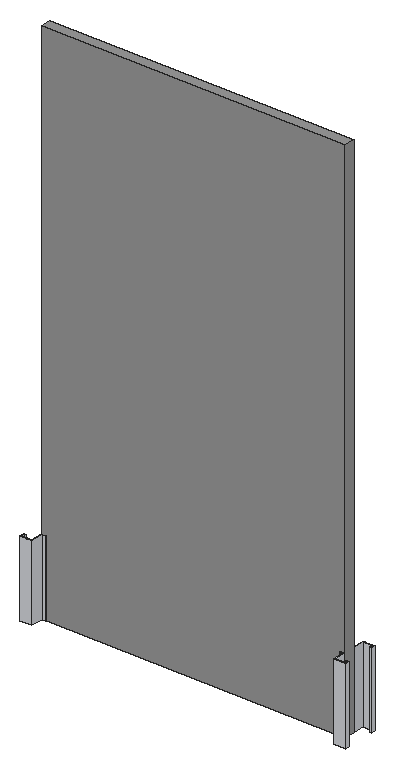
Revit family "Door 6", category Doors, host Wall, Revit 2025
Family settings
  Host = Wall
  OmniClass Number = 23.30.10.00
  OmniClass Title = Doors
  Always vertical = Yes
  Cut with Voids When Loaded = No
  Shared = No
  Room Calculation Point = No
Parameters (values of type "Standard")
  Type Comments = "6"
  Thickness = 0' - 1 3/4"
  Rough Width = Width + (Frame Thickness * 2)  # 4' - 4"
  Rough Thickness = 0' - 4 1/2"
  Rough Height = Height + Frame Head  # 7' - 4"
  Model = "D"
  Glass Thickness = 0' - 0 1/4"
  Function = Interior
  Frame X = 0' - 0 1/8"
  Frame Thickness = 0' - 2"
  Height = 7' - 0"
  Wall Closure = By host
  Width = 4' - 0"
  Frame Thick = 0' - 0.96775"
  Frame Material = Hollow Metal
  Frame Head = 0' - 4"
  Door Material = Hollow Metal
  Define Thermal Properties by = Schematic Type
  Cut = 4' - 0"
  Analytic Construction = "<None>"
Reference planes (in)
  plane 1 "Center (Front/Back)": y = 0
  plane 2 "Center (Left/Right)": x = 0
  plane 3 "Top": z = 88
  plane 4 "Exterior": y = 2.25
  plane 5 "Interior": y = -2.25
  plane 6: z = 84
  plane 7 "Door Ref Exterior": y = 0.875
  plane 8 "Door Ref Interior": y = -0.875
  plane 9: x = -24
  plane 10: x = 24
  plane 11: x = -25.75
Forms (in)
  Extrusion 1, solid, material "Hollow Metal" <- "Door Material", detail levels medium+fine
    sketch origin (0, 0, 0) x (1, 0, 0) y (0, 0, 1)
      loop
        line (-24, 0) -> (24, 0) -> (24, 84) -> (-24, 84) -> (-24, 0)
    from -0.875 to 0.875
  Extrusion 2, solid
    sketch origin (0, 0, 0) x (1, 0, 0) y (0, 1, 0)
      loop
        line (-24, 0.875) -> (-23.375, 0.875) -> (-23.375, -0.875) -> (-24, -0.875) -> (-24, -2.75) -> (-25.625, -2.75) -> (-25.625, -2.375) -> (-25.375, -2.375) -> (-25.375, -2.25) -> (-25.75, -2.25) -> (-25.75, -2.875) -> (-23.875, -2.875) -> (-23.875, -1) -> (-23.25, -1) -> (-23.25, 1) -> (-23.875, 1) -> (-23.875, 2.75) -> (-25.75, 2.75) -> (-25.75, 2.25) -> (-25.375, 2.25) -> (-25.375, 2.375) -> (-25.625, 2.375) -> (-25.625, 2.625) -> (-24, 2.625) -> (-24, 0.875)
      loop
        line (24, 0.875) -> (24, 2.625) -> (25.625, 2.625) -> (25.625, 2.375) -> (25.375, 2.375) -> (25.375, 2.25) -> (25.75, 2.25) -> (25.75, 2.75) -> (23.875, 2.75) -> (23.875, 1) -> (23.25, 1) -> (23.25, -1) -> (23.875, -1) -> (23.875, -2.875) -> (25.75, -2.875) -> (25.75, -2.25) -> (25.375, -2.25) -> (25.375, -2.375) -> (25.625, -2.375) -> (25.625, -2.75) -> (24, -2.75) -> (24, -0.875) -> (23.375, -0.875) -> (23.375, 0.875) -> (24, 0.875)
    from 0 to 12
Lines and regions (in)
  Opening 1
    outline origin (-90, -2.25, 0) x (1, 0, 0) y (0, 0, 1)
      loop
        line (66, 0) -> (114, 0) -> (114, 88) -> (66, 88) -> (66, 0)
  symbolic lines
    curve 1: line (40.65659, 48.27885, 0) -> (42.65659, 48.27885, 0)
    curve 2: line (42.65659, 48.27885, 0) -> (42.65659, 46.90385, 0)
    curve 3: line (42.65659, 46.90385, 0) -> (43.28159, 46.90385, 0)
    curve 4: line (43.28159, 46.90385, 0) -> (43.28159, 45.15385, 0)
    curve 5: line (43.28159, 45.15385, 0) -> (42.65659, 45.15385, 0)
    curve 6: line (42.65659, 45.15385, 0) -> (42.65659, 43.77885, 0)
    curve 7: line (42.65659, 43.77885, 0) -> (40.65659, 43.77885, 0)
    curve 8: line (40.65659, 43.77885, 0) -> (40.65659, 44.27885, 0)
    curve 9: line (40.65659, 44.27885, 0) -> (40.78159, 44.27885, 0)
    curve 10: line (40.78159, 44.27885, 0) -> (40.78159, 43.90385, 0)
    curve 11: line (40.78159, 43.90385, 0) -> (42.53159, 43.90385, 0)
    curve 12: line (42.53159, 43.90385, 0) -> (42.53159, 45.27885, 0)
    curve 13: line (42.53159, 45.27885, 0) -> (43.15659, 45.27885, 0)
    curve 14: line (43.15659, 45.27885, 0) -> (43.15659, 46.77885, 0)
    curve 15: line (43.15659, 46.77885, 0) -> (42.53159, 46.77885, 0)
    curve 16: line (42.53159, 46.77885, 0) -> (42.53159, 48.15385, 0)
    curve 17: line (42.53159, 48.15385, 0) -> (40.78159, 48.15385, 0)
    curve 18: line (40.78159, 48.15385, 0) -> (40.78159, 47.77885, 0)
    curve 19: line (40.78159, 47.77885, 0) -> (40.65659, 47.77885, 0)
    curve 20: line (40.65659, 47.77885, 0) -> (40.65659, 48.27885, 0)
    curve 41: line (92.65659, 48.27885, 0) -> (90.65659, 48.27885, 0)
    curve 42: line (90.65659, 49.33368, 0) -> (90.65659, 46.90385, 0)
    curve 43: line (90.65659, 46.90385, 0) -> (90.03159, 46.90385, 0)
    curve 44: line (90.03159, 46.90385, 0) -> (90.03159, 45.15385, 0)
    curve 45: line (90.03159, 45.15385, 0) -> (90.65659, 45.15385, 0)
    curve 46: line (90.65659, 45.15385, 0) -> (90.65659, 43.77885, 0)
    curve 47: line (90.65659, 43.77885, 0) -> (92.65659, 43.77885, 0)
    curve 48: line (92.65659, 43.77885, 0) -> (92.65659, 44.27885, 0)
    curve 49: line (92.65659, 44.27885, 0) -> (92.53159, 44.27885, 0)
    curve 50: line (92.53159, 44.27885, 0) -> (92.53159, 43.90385, 0)
    curve 51: line (92.53159, 43.90385, 0) -> (90.78159, 43.90385, 0)
    curve 52: line (90.78159, 43.90385, 0) -> (90.78159, 45.27885, 0)
    curve 53: line (90.78159, 45.27885, 0) -> (90.15659, 45.27885, 0)
    curve 54: line (90.15659, 45.27885, 0) -> (90.15659, 46.77885, 0)
    curve 55: line (90.15659, 46.77885, 0) -> (90.78159, 46.77885, 0)
    curve 56: line (90.78159, 46.77885, 0) -> (90.78159, 48.15385, 0)
    curve 57: line (90.78159, 48.15385, 0) -> (92.53159, 48.15385, 0)
    curve 58: line (92.53159, 48.15385, 0) -> (92.53159, 47.77885, 0)
    curve 59: line (92.53159, 47.77885, 0) -> (92.65659, 47.77885, 0)
    curve 60: line (92.65659, 47.77885, 0) -> (92.65659, 48.27885, 0)
    curve 61: line (42.65659, 48.27885, 0) -> (42.65659, 96.27885, 0)
    curve 62: line (42.65659, 96.27885, 0) -> (43.71142, 96.27885, 0)
    curve 63: line (44.40659, 96.2737, 0) -> (44.40659, 48.27885, 0)
    curve 64: line (42.65659, 48.27885, 0) -> (90.65659, 48.27885, 0)
    curve 89: arc (43.71142, 96.27885, 0) -> (76.90667, 82.52893, 0) -> (90.65659, 49.33368, 0) r 46.94517
    curve 135: line (42.65659, 43.77885, 0) -> (90.65659, 43.77885, 0)
  symbolic lines, not visible
    curve 21: line (-26, 2.25, 0) -> (-24, 2.25, 0)
    curve 22: line (-24, 2.25, 0) -> (-24, 0.875, 0)
    curve 23: line (-24, 0.875, 0) -> (-23.375, 0.875, 0)
    curve 24: line (-23.375, 0.875, 0) -> (-23.375, -0.875, 0)
    curve 25: line (-23.375, -0.875, 0) -> (-24, -0.875, 0)
    curve 26: line (-24, -0.875, 0) -> (-24, -2.25, 0)
    curve 27: line (-24, -2.25, 0) -> (-26, -2.25, 0)
    curve 28: line (-26, -2.25, 0) -> (-26, -1.75, 0)
    curve 29: line (-26, -1.75, 0) -> (-25.875, -1.75, 0)
    curve 30: line (-25.875, -1.75, 0) -> (-25.875, -2.125, 0)
    curve 31: line (-25.875, -2.125, 0) -> (-24.125, -2.125, 0)
    curve 32: line (-24.125, -2.125, 0) -> (-24.125, -0.75, 0)
    curve 33: line (-24.125, -0.75, 0) -> (-23.5, -0.75, 0)
    curve 34: line (-23.5, -0.75, 0) -> (-23.5, 0.75, 0)
    curve 35: line (-23.5, 0.75, 0) -> (-24.125, 0.75, 0)
    curve 36: line (-24.125, 0.75, 0) -> (-24.125, 2.125, 0)
    curve 37: line (-24.125, 2.125, 0) -> (-25.875, 2.125, 0)
    curve 38: line (-25.875, 2.125, 0) -> (-25.875, 1.75, 0)
    curve 39: line (-25.875, 1.75, 0) -> (-26, 1.75, 0)
    curve 40: line (-26, 1.75, 0) -> (-26, 2.25, 0)
    curve 65: line (24, 2.25, 0) -> (22, 2.25, 0)
    curve 66: line (22, 50.25, 0) -> (22, 0.875, 0)
    curve 67: line (22, 0.875, 0) -> (21.375, 0.875, 0)
    curve 68: line (21.375, 0.875, 0) -> (21.375, -0.875, 0)
    curve 69: line (21.375, -0.875, 0) -> (22, -0.875, 0)
    curve 70: line (22, -0.875, 0) -> (22, -2.25, 0)
    curve 71: line (22, -2.25, 0) -> (24, -2.25, 0)
    curve 72: line (24, -2.25, 0) -> (24, -1.75, 0)
    curve 73: line (24, -1.75, 0) -> (23.875, -1.75, 0)
    curve 74: line (23.875, -1.75, 0) -> (23.875, -2.125, 0)
    curve 75: line (23.875, -2.125, 0) -> (22.125, -2.125, 0)
    curve 76: line (22.125, -2.125, 0) -> (22.125, -0.75, 0)
    curve 77: line (22.125, -0.75, 0) -> (21.5, -0.75, 0)
    curve 78: line (21.5, -0.75, 0) -> (21.5, 0.75, 0)
    curve 79: line (21.5, 0.75, 0) -> (22.125, 0.75, 0)
    curve 80: line (22.125, 0.75, 0) -> (22.125, 2.125, 0)
    curve 81: line (22.125, 2.125, 0) -> (23.875, 2.125, 0)
    curve 82: line (23.875, 2.125, 0) -> (23.875, 1.75, 0)
    curve 83: line (23.875, 1.75, 0) -> (24, 1.75, 0)
    curve 84: line (24, 1.75, 0) -> (24, 2.25, 0)
    curve 85: line (-24, 2.25, 0) -> (-24, 50.25, 0)
    curve 86: line (-24, 50.25, 0) -> (22, 50.25, 0)
    curve 87: line (-22.25, 50.25, 0) -> (-22.25, 2.25, 0)
    curve 88: line (-24, 2.25, 0) -> (-22.25, 2.25, 0)
    curve 90: line (-26, 2.25, 0) -> (-24, 2.25, 0)
    curve 91: line (-24, 2.25, 0) -> (-24, 0.875, 0)
    curve 92: line (-24, 0.875, 0) -> (-23.375, 0.875, 0)
    curve 93: line (-23.375, 0.875, 0) -> (-23.375, -0.875, 0)
    curve 94: line (-23.375, -0.875, 0) -> (-24, -0.875, 0)
    curve 95: line (-24, -0.875, 0) -> (-24, -2.25, 0)
    curve 96: line (-24, -2.25, 0) -> (-26, -2.25, 0)
    curve 97: line (-26, -2.25, 0) -> (-26, -1.75, 0)
    curve 98: line (-26, -1.75, 0) -> (-25.875, -1.75, 0)
    curve 99: line (-25.875, -1.75, 0) -> (-25.875, -2.125, 0)
    curve 100: line (-25.875, -2.125, 0) -> (-24.125, -2.125, 0)
    curve 101: line (-24.125, -2.125, 0) -> (-24.125, -0.75, 0)
    curve 102: line (-24.125, -0.75, 0) -> (-23.5, -0.75, 0)
    curve 103: line (-23.5, -0.75, 0) -> (-23.5, 0.75, 0)
    curve 104: line (-23.5, 0.75, 0) -> (-24.125, 0.75, 0)
    curve 105: line (-24.125, 0.75, 0) -> (-24.125, 2.125, 0)
    curve 106: line (-24.125, 2.125, 0) -> (-25.875, 2.125, 0)
    curve 107: line (-25.875, 2.125, 0) -> (-25.875, 1.75, 0)
    curve 108: line (-25.875, 1.75, 0) -> (-26, 1.75, 0)
    curve 109: line (-26, 1.75, 0) -> (-26, 2.25, 0)
    curve 110: line (26, 2.25, 0) -> (24, 2.25, 0)
    curve 111: line (24, 3.30483, 0) -> (24, 0.875, 0)
    curve 112: line (24, 0.875, 0) -> (23.375, 0.875, 0)
    curve 113: line (23.375, 0.875, 0) -> (23.375, -0.875, 0)
    curve 114: line (23.375, -0.875, 0) -> (24, -0.875, 0)
    curve 115: line (24, -0.875, 0) -> (24, -2.25, 0)
    curve 116: line (24, -2.25, 0) -> (26, -2.25, 0)
    curve 117: line (26, -2.25, 0) -> (26, -1.75, 0)
    curve 118: line (26, -1.75, 0) -> (25.875, -1.75, 0)
    curve 119: line (25.875, -1.75, 0) -> (25.875, -2.125, 0)
    curve 120: line (25.875, -2.125, 0) -> (24.125, -2.125, 0)
    curve 121: line (24.125, -2.125, 0) -> (24.125, -0.75, 0)
    curve 122: line (24.125, -0.75, 0) -> (23.5, -0.75, 0)
    curve 123: line (23.5, -0.75, 0) -> (23.5, 0.75, 0)
    curve 124: line (23.5, 0.75, 0) -> (24.125, 0.75, 0)
    curve 125: line (24.125, 0.75, 0) -> (24.125, 2.125, 0)
    curve 126: line (24.125, 2.125, 0) -> (25.875, 2.125, 0)
    curve 127: line (25.875, 2.125, 0) -> (25.875, 1.75, 0)
    curve 128: line (25.875, 1.75, 0) -> (26, 1.75, 0)
    curve 129: line (26, 1.75, 0) -> (26, 2.25, 0)
    curve 130: line (-24, 2.25, 0) -> (-24, 50.25, 0)
    curve 131: line (-24, 50.25, 0) -> (-22.94517, 50.25, 0)
    curve 132: line (-22.25, 50.24485, 0) -> (-22.25, 2.25, 0)
    curve 133: line (-24, 2.25, 0) -> (24, 2.25, 0)
    curve 134: arc (-22.94517, 50.25, 0) -> (10.25008, 36.50008, 0) -> (24, 3.30483, 0) r 46.94517
    curve 136: line (-24, -2.25, 0) -> (24, -2.25, 0)
Text (in)
  text "Exterior" at (-74.96733, 27.31104, 0), in view "Ref. Level"
  text "Interior" at (-74.96733, -25.14366, 0), in view "Ref. Level"
  text "Exterior" at (0, 40.15149, 123.01588), in view "Right"
  text "Interior" at (0, -64.39139, 123.01588), in view "Right"
  text "Interior" at (0, -31.01599, 123.00693), in view "Left"
  text "Exterior" at (0, 54.57065, 123.00693), in view "Left"
Dimensions and locks (in)
  "Rough Height": plane 3 "Top" to level
  "Height": Extrusion 1 sketch curve to level
  equal spacing: plane 7 "Door Ref Exterior", plane 1 "Center (Front/Back)", plane 8 "Door Ref Interior"
  "Thickness": plane 7 "Door Ref Exterior" to plane 8 "Door Ref Interior"
  equal spacing: plane 10, plane 2 "Center (Left/Right)", plane 9
  "Cut": plane 10 to plane 9
  "Frame X": Extrusion 2 sketch curve to plane 7 "Door Ref Exterior"  (x2)
  "Frame X": plane 8 "Door Ref Interior" to Extrusion 2 sketch curve  (x2)
  "Frame X": plane 5 "Interior" to Extrusion 2 sketch curve
  "Frame X": plane 9 to Extrusion 2 sketch curve  (x2)
  Extrusion 2 sketch curve to Extrusion 2 sketch curve = 0' - 0 3/8"
  "Frame X": Extrusion 2 sketch curve to Extrusion 2 sketch curve  (x8)
  "Frame X": plane 4 "Exterior" to Extrusion 2 sketch curve  (x2)
  Extrusion 2 sketch curve to plane 4 "Exterior" = 0' - 0 3/8"
  plane 11 to Extrusion 2 sketch curve = 0' - 1 3/4"
  Extrusion 2 sketch curve to plane 9 = 0' - 1 3/8"  (x2)
  "Frame X": Extrusion 2 sketch curve to plane 5 "Interior"
  "Frame X": Extrusion 2 sketch curve to plane 10  (x2)
  plane 4 "Exterior" to Extrusion 2 sketch curve = 0' - 0 3/8"
  Extrusion 2 sketch curve to plane 5 "Interior" = 0' - 0 1/2"
  plane 10 to Extrusion 2 sketch curve = 0' - 1 3/8"  (x2)
  aligned and locked: plane 4 "Exterior" to host wall
  aligned and locked: plane 5 "Interior" to host wall
  aligned and locked: Extrusion 1 to plane 7 "Door Ref Exterior"
  aligned and locked: Extrusion 1 to plane 8 "Door Ref Interior"
  aligned and locked: host wall to plane 1 "Center (Front/Back)"
  aligned and locked: plane 9 to Opening 1 sketch curve
  aligned and locked: plane 10 to Opening 1 sketch curve
  aligned and locked: plane 9 to Extrusion 2 sketch curve
  aligned and locked: plane 7 "Door Ref Exterior" to Extrusion 2 sketch curve
  aligned and locked: plane 8 "Door Ref Interior" to Extrusion 2 sketch curve
  aligned and locked: plane 5 "Interior" to Extrusion 2 sketch curve
  aligned and locked: plane 4 "Exterior" to Extrusion 2 sketch curve
  aligned and locked: Extrusion 2 sketch curve to plane 4 "Exterior"
  aligned and locked: plane 10 to Extrusion 2 sketch curve
  aligned and locked: Extrusion 2 sketch curve to plane 10
  aligned and locked: Extrusion 2 sketch curve to plane 5 "Interior"
Automatic sketch dimensions
  Opening 1 sketch curve to level = 0' - 0"
  Opening 1 sketch curve to plane 3 "Top" = 0' - 0"
  Extrusion 1 sketch curve to level = 0' - 0"
  curve 8 to curve 19 = 0' - 4"
  curve 8 to curve 10 = 0' - 0 1/8"  (x2)
  curve 1 to curve 18 = 0' - 0.17678"
  curve 18 to curve 15 = 0' - 2.01556"
  curve 13 to curve 15 = 0' - 1 1/2"
  curve 11 to curve 7 = 0' - 0.17678"
  curve 1 to curve 61 = 4' - 0.04165"
  curve 5 to curve 13 = 0' - 0.51539"
  curve 14 to curve 3 = 0' - 0.17678"
  curve 1 to curve 63 = 0' - 1 3/4"
  curve 63 to curve 45 = 3' - 9.7319"
  curve 43 to curve 55 = 0' - 0.17678"
  curve 54 to curve 43 = 0' - 0.51539"
  curve 53 to curve 45 = 0' - 0.51539"
  curve 45 to curve 52 = 0' - 0.17678"
  curve 41 to curve 57 = 0' - 0.17678"
  curve 51 to curve 49 = 0' - 1.78973"
  curve 56 to curve 57 = 0' - 1 3/4"
  curve 49 to curve 48 = 0' - 0 1/8"
  curve 57 to curve 60 = 0' - 0.17678"
  curve 7 to curve 46 = 4' - 2"
  curve 6 to curve 11 = 0' - 0.17678"
  curve 47 to curve 51 = 0' - 0.17678"
  curve 10 to curve 9 = 0' - 0.39528"
  curve 50 to curve 48 = 0' - 0.39528"
  curve 11 to curve 6 = 0' - 1.25623"
  curve 51 to curve 45 = 0' - 1.45774"
  curve 44 to curve 54 = 0' - 0.17678"
  curve 4 to curve 14 = 0' - 0.17678"
  curve 53 to curve 54 = 0' - 1 1/2"  (x2)
  curve 12 to curve 16 = 0' - 1 1/2"
  curve 54 to curve 44 = 0' - 0.17678"
  curve 15 to curve 2 = 0' - 0.17678"
  curve 15 to curve 19 = 0' - 2.01556"
  curve 55 to curve 60 = 0' - 2 1/8"
  curve 42 to curve 56 = 0' - 1.25623"
  curve 18 to curve 18 = 0' - 0 3/8"  (x2)
  curve 16 to curve 64 = 0' - 0.17678"
  curve 57 to curve 41 = 0' - 0.17678"
  curve 41 to curve 42 = 0' - 1.05483"
  curve 28 to curve 39 = 0' - 0"
  curve 28 to curve 30 = 0' - 0 1/8"
  curve 21 to curve 38 = 0' - 0 1/8"
  curve 38 to curve 35 = 0' - 1 3/4"
  curve 33 to curve 35 = 0' - 0"
  curve 31 to curve 27 = 0' - 0 1/8"
  curve 21 to curve 85 = 0' - 2"
  curve 25 to curve 33 = 0' - 0 1/2"
  curve 34 to curve 23 = 0' - 0 1/8"
  curve 21 to curve 87 = 0' - 1 3/4"
  curve 87 to curve 69 = 3' - 7 5/8"
  curve 67 to curve 79 = 0' - 0 1/8"
  curve 78 to curve 67 = 0' - 0 1/2"
  curve 77 to curve 69 = 0' - 0 1/2"
  curve 69 to curve 76 = 0' - 0 1/8"
  curve 65 to curve 81 = 0' - 0 1/8"
  curve 75 to curve 73 = 0' - 1 3/4"
  curve 80 to curve 81 = 0' - 1 3/4"
  curve 73 to curve 72 = 0' - 0 1/8"
  curve 81 to curve 84 = 0' - 0 1/8"
  curve 27 to curve 70 = 0' - 0"
  curve 26 to curve 31 = 0' - 0 1/8"
  curve 71 to curve 75 = 0' - 0 1/8"
  curve 30 to curve 29 = 0' - 0 3/8"
  curve 74 to curve 72 = 0' - 0 3/8"
  curve 31 to curve 26 = 0' - 1 1/4"
  curve 75 to curve 69 = 0' - 1 1/4"
  curve 68 to curve 78 = 0' - 0 1/8"
  curve 24 to curve 34 = 0' - 0 1/8"
  curve 77 to curve 78 = 0' - 1 1/2"
  curve 32 to curve 36 = 0' - 1 1/2"
  curve 78 to curve 68 = 0' - 0 1/8"
  curve 35 to curve 22 = 0' - 0 1/8"
  curve 35 to curve 39 = 0' - 1"
  curve 79 to curve 84 = 0' - 1"
  curve 66 to curve 80 = 0' - 1 1/4"
  curve 38 to curve 38 = 0' - 0 3/8"
  curve 36 to curve 88 = 0' - 0 1/8"
  curve 81 to curve 65 = 0' - 0 1/8"
  curve 65 to curve 66 = 4' - 0"
  curve 7 to curve 19 = 0' - 0"
  curve 1 to curve 17 = 0' - 0 1/8"
  curve 17 to curve 16 = 0' - 1 3/4"
  curve 13 to curve 15 = 0' - 0"
  curve 11 to curve 135 = 0' - 0 1/8"
  curve 1 to curve 62 = 0' - 2"
  curve 2 to curve 15 = 0' - 0 1/2"
  curve 13 to curve 5 = 0' - 0 1/8"
  curve 1 to curve 89 = 0' - 1.05483"
  curve 89 to curve 44 = 3' - 10.32017"
  curve 43 to curve 55 = 0' - 0 1/8"
  curve 44 to curve 46 = 0' - 0 5/8"
  curve 54 to curve 43 = 0' - 0 1/2"
  curve 45 to curve 53 = 0' - 0 1/8"
  curve 42 to curve 56 = 0' - 0 1/8"
  curve 56 to curve 58 = 0' - 1 3/4"
  curve 51 to curve 51 = 0' - 1 3/4"
  curve 57 to curve 60 = 0' - 0 1/8"
  curve 49 to curve 49 = 0' - 0 1/8"
  curve 47 to curve 51 = 0' - 0 1/8"
  curve 6 to curve 12 = 0' - 0 1/8"
  curve 10 to curve 9 = 0' - 0 3/8"
  curve 50 to curve 49 = 0' - 0 3/8"
  curve 11 to curve 5 = 0' - 1 1/4"
  curve 51 to curve 46 = 0' - 1 1/4"
  curve 44 to curve 53 = 0' - 0 1/8"
  curve 5 to curve 13 = 0' - 0 1/8"
  curve 13 to curve 14 = 0' - 1 1/2"
  curve 54 to curve 43 = 0' - 0 1/8"
  curve 14 to curve 4 = 0' - 0 1/8"
  curve 55 to curve 58 = 0' - 1"
  curve 15 to curve 20 = 0' - 1"
  curve 58 to curve 58 = 0' - 0 3/8"
  curve 17 to curve 1 = 0' - 0 1/8"
  curve 57 to curve 41 = 0' - 0 1/8"
  curve 62 to curve 63 = 0' - 0.69517"
  curve 63 to curve 89 = 0' - 1.05483"
  curve 96 to curve 108 = 0' - 0"
  curve 97 to curve 99 = 0' - 0 1/8"
  curve 90 to curve 106 = 0' - 0 1/8"
  curve 106 to curve 105 = 0' - 1 3/4"
  curve 102 to curve 104 = 0' - 0"
  curve 100 to curve 136 = 0' - 0 1/8"
  curve 90 to curve 131 = 0' - 2"
  curve 91 to curve 104 = 0' - 0 1/2"
  curve 102 to curve 94 = 0' - 0 1/8"
  curve 90 to curve 134 = 0' - 1.05483"
  curve 134 to curve 113 = 3' - 10.32017"
  curve 112 to curve 124 = 0' - 0 1/8"
  curve 113 to curve 115 = 0' - 0 5/8"
  curve 123 to curve 112 = 0' - 0 1/2"
  curve 114 to curve 122 = 0' - 0 1/8"
  curve 111 to curve 125 = 0' - 0 1/8"
  curve 125 to curve 127 = 0' - 1 3/4"
  curve 120 to curve 120 = 0' - 1 3/4"
  curve 126 to curve 129 = 0' - 0 1/8"
  curve 118 to curve 118 = 0' - 0 1/8"
  curve 116 to curve 120 = 0' - 0 1/8"
  curve 95 to curve 101 = 0' - 0 1/8"
  curve 99 to curve 98 = 0' - 0 3/8"
  curve 119 to curve 118 = 0' - 0 3/8"
  curve 100 to curve 94 = 0' - 1 1/4"
  curve 120 to curve 115 = 0' - 1 1/4"
  curve 113 to curve 122 = 0' - 0 1/8"
  curve 94 to curve 102 = 0' - 0 1/8"
  curve 122 to curve 123 = 0' - 1 1/2"
  curve 102 to curve 103 = 0' - 1 1/2"
  curve 123 to curve 112 = 0' - 0 1/8"
  curve 103 to curve 93 = 0' - 0 1/8"
  curve 124 to curve 127 = 0' - 1"
  curve 104 to curve 109 = 0' - 1"
  curve 107 to curve 107 = 0' - 0 3/8"
  curve 127 to curve 127 = 0' - 0 3/8"
  curve 106 to curve 90 = 0' - 0 1/8"
  curve 126 to curve 110 = 0' - 0 1/8"
  curve 131 to curve 132 = 0' - 0.69517"
  curve 132 to curve 134 = 0' - 1.05483"
  Extrusion 1 sketch curve to plane 9 = 0' - 0"
  Extrusion 1 sketch curve to plane 10 = 0' - 0"
  Extrusion 2 sketch curve to plane 11 = 0' - 0"  (x2)
  plane 8 "Door Ref Interior" to Extrusion 2 sketch curve = 0' - 0"
  plane 7 "Door Ref Exterior" to Extrusion 2 sketch curve = 0' - 0"
  plane 11 to Extrusion 2 sketch curve = 0' - 0 1/8"
  Extrusion 2 sketch curve to Extrusion 2 sketch curve = 0' - 0 1/2"
  Extrusion 2 sketch curve to Extrusion 2 sketch curve = 0' - 0 1/8"
  Extrusion 2 sketch curve to Extrusion 2 sketch curve = 0' - 0 5/8"
  Extrusion 2 sketch curve to Extrusion 2 sketch curve = 0' - 0 1/4"  (x2)
